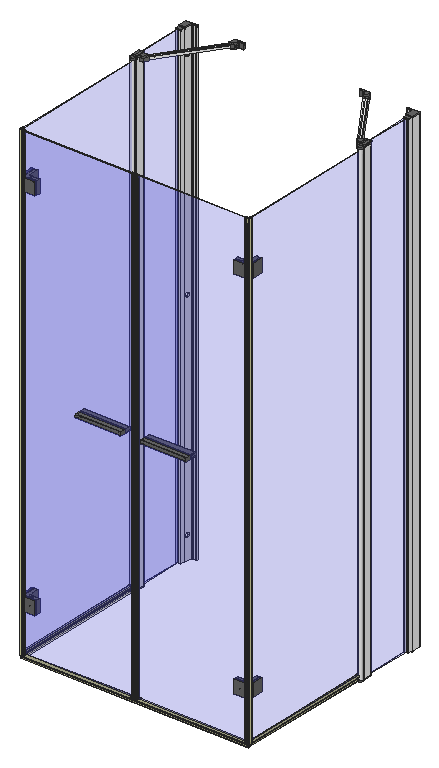
Revit family "D30", category Plumbing Fixtures, Revit 2016 (continued)
Automatic sketch dimensions
  Sweep 3 sketch curve to Sweep 3 sketch curve = 0.171 mm
  Sweep 3 sketch curve to Sweep 3 sketch curve = 0.784 mm
  Sweep 3 sketch curve to Sweep 3 sketch curve = 0.162 mm
  Sweep 4 sketch curve to plane 1 "Center (Front/Back)" = 0.182 mm
  Sweep 4 sketch curve to plane 5 = 16 mm
  plane 8 "ucięcie" to Sweep 4 sketch curve = 3.7 mm
  Sweep 4 sketch curve to profile plane = 28.33 mm
  Sweep 4 sketch curve to Sweep 4 sketch curve = 0.265 mm
  Sweep 4 sketch curve to Sweep 4 sketch curve = 0.354 mm  (x2)
  Sweep 4 sketch curve to Sweep 4 sketch curve = 0.54 mm
  Sweep 4 sketch curve to Sweep 4 sketch curve = 0.533 mm
  Sweep 4 sketch curve to Sweep 4 sketch curve = 0.55 mm
  Sweep 4 sketch curve to Sweep 4 sketch curve = 0.718 mm
  Sweep 4 sketch curve to Sweep 4 sketch curve = 0.031 mm
  Sweep 4 sketch curve to Sweep 4 sketch curve = 0.565 mm
  Sweep 4 sketch curve to Sweep 4 sketch curve = 0.385 mm
  Sweep 4 sketch curve to Sweep 4 sketch curve = 1.153 mm
  Sweep 4 sketch curve to Sweep 4 sketch curve = 0.522 mm
  Sweep 4 sketch curve to Sweep 4 sketch curve = 0.724 mm
  Sweep 4 sketch curve to Sweep 4 sketch curve = 0.208 mm
  Sweep 4 sketch curve to Sweep 4 sketch curve = 0.551 mm  (x2)
  Sweep 4 sketch curve to Sweep 4 sketch curve = 0.212 mm
  Sweep 4 sketch curve to Sweep 4 sketch curve = 1.025 mm
  Sweep 4 sketch curve to Sweep 4 sketch curve = 0.707 mm  (x8)
  Sweep 4 sketch curve to Sweep 4 sketch curve = 0.187 mm
  Sweep 4 sketch curve to Sweep 4 sketch curve = 1.039 mm
  Sweep 4 sketch curve to Sweep 4 sketch curve = 2.722 mm
  Sweep 4 sketch curve to Sweep 4 sketch curve = 0.531 mm
  Sweep 4 sketch curve to Sweep 4 sketch curve = 0.536 mm
  Sweep 4 sketch curve to Sweep 4 sketch curve = 0.277 mm
  Sweep 4 sketch curve to Sweep 4 sketch curve = 5.61 mm
  Sweep 4 sketch curve to Sweep 4 sketch curve = 0.083 mm
  Sweep 4 sketch curve to Sweep 4 sketch curve = 0.023 mm
  Sweep 4 sketch curve to Sweep 4 sketch curve = 0.06 mm
  Sweep 4 sketch curve to Sweep 4 sketch curve = 2.584 mm
  Sweep 4 sketch curve to Sweep 4 sketch curve = 0.26 mm
  Sweep 4 sketch curve to Sweep 4 sketch curve = 1.178 mm
  Sweep 4 sketch curve to Sweep 4 sketch curve = 0.75 mm
  Sweep 4 sketch curve to Sweep 4 sketch curve = 0.923 mm
  Sweep 4 sketch curve to Sweep 4 sketch curve = 2.132 mm
  Sweep 4 sketch curve to profile plane = 21.384 mm
  Sweep 4 sketch curve to Sweep 4 sketch curve = 0.784 mm
  Sweep 4 sketch curve to Sweep 4 sketch curve = 0.171 mm
  Sweep 4 sketch curve to Sweep 4 sketch curve = 0.288 mm
  Sweep 4 sketch curve to Sweep 4 sketch curve = 0.033 mm
  Sweep 4 sketch curve to Sweep 4 sketch curve = 0.664 mm
  Sweep 4 sketch curve to Sweep 4 sketch curve = 0 mm  (x2)
  Sweep 4 sketch curve to Sweep 4 sketch curve = 0.146 mm
  Sweep 4 sketch curve to Sweep 4 sketch curve = 0.065 mm
  Sweep 4 sketch curve to Sweep 4 sketch curve = 0.495 mm
  Sweep 4 sketch curve to Sweep 4 sketch curve = 0.13 mm  (x2)
  Sweep 4 sketch curve to Sweep 4 sketch curve = 0.078 mm
  Sweep 4 sketch curve to Sweep 4 sketch curve = 1.763 mm
  Sweep 4 sketch curve to Sweep 4 sketch curve = 0.694 mm
  Sweep 4 sketch curve to Sweep 4 sketch curve = 0.025 mm
  Sweep 4 sketch curve to Sweep 4 sketch curve = 2.799 mm
  Sweep 4 sketch curve to Sweep 4 sketch curve = 1.188 mm
  Sweep 4 sketch curve to Sweep 4 sketch curve = 0.156 mm
  Sweep 4 sketch curve to Sweep 4 sketch curve = 0.085 mm
  Sweep 4 sketch curve to Sweep 4 sketch curve = 0.364 mm
  Sweep 4 sketch curve to Sweep 4 sketch curve = 0.521 mm
  Sweep 4 sketch curve to Sweep 4 sketch curve = 4.926 mm
  Sweep 4 sketch curve to Sweep 4 sketch curve = 4.83 mm
  Sweep 4 sketch curve to Sweep 4 sketch curve = 0.671 mm
  Sweep 4 sketch curve to Sweep 4 sketch curve = 0.968 mm
  Sweep 4 sketch curve to Sweep 4 sketch curve = 0.009 mm
  Sweep 4 sketch curve to Sweep 4 sketch curve = 0.148 mm
  Sweep 4 sketch curve to Sweep 4 sketch curve = 0.596 mm
  Sweep 4 sketch curve to Sweep 4 sketch curve = 0.162 mm
  Extrusion 5 sketch curve to plane 15 = 0 mm
  plane 21 to Extrusion 5 sketch curve = 9.87 mm
  Extrusion 5 sketch curve to plane 4 "right" = 21 mm
  Extrusion 5 sketch curve to Extrusion 5 sketch curve = 6 mm
  plane 8 "ucięcie" to Extrusion 6 sketch curve = 4.174 mm
  plane 21 to Extrusion 6 sketch curve = 14.434 mm
  Extrusion 6 sketch curve to plane 21 = 9.023 mm
  Extrusion 6 sketch curve to Extrusion 6 sketch curve = 13.947 mm
  Extrusion 7 sketch curve to plane 4 "right" = 10.318 mm
  Extrusion 7 sketch curve to plane 1 "Center (Front/Back)" = 10.507 mm
  Extrusion 7 sketch curve to Extrusion 7 sketch curve = 30.597 mm
  plane 21 to Extrusion 7 sketch curve = 18.756 mm
  plane 21 to Extrusion 8 sketch curve = 10.459 mm
  Extrusion 8 sketch curve to plane 21 = 18.359 mm
  plane 4 "right" to Extrusion 8 sketch curve = 40.338 mm
  plane 4 "right" to Extrusion 8 sketch curve = 11.52 mm
  plane 8 "ucięcie" to Extrusion 9 sketch curve = 2.408 mm
  Extrusion 9 sketch curve to plane 4 "right" = 19.577 mm
  Extrusion 9 sketch curve to Extrusion 9 sketch curve = 0.882 mm
  Extrusion 9 sketch curve to Extrusion 9 sketch curve = 1.193 mm
  plane 8 "ucięcie" to Extrusion 9 sketch curve = 2.284 mm
  Extrusion 9 sketch curve to Extrusion 9 sketch curve = 1.268 mm
  Extrusion 9 sketch curve to Extrusion 9 sketch curve = 0.762 mm
  plane 8 "ucięcie" to Extrusion 9 sketch curve = 13.155 mm
  Extrusion 9 sketch curve to Extrusion 9 sketch curve = 0.56 mm
  Extrusion 9 sketch curve to Extrusion 9 sketch curve = 0.954 mm
  Extrusion 9 sketch curve to plane 8 "ucięcie" = 0.007 mm  (x2)
  Extrusion 9 sketch curve to Extrusion 9 sketch curve = 1.059 mm
  Extrusion 9 sketch curve to Extrusion 9 sketch curve = 0.118 mm
  Extrusion 9 sketch curve to Extrusion 9 sketch curve = 1.546 mm
  Extrusion 9 sketch curve to level = 0.007 mm
  Extrusion 9 sketch curve to Extrusion 9 sketch curve = 2.805 mm
  Extrusion 9 sketch curve to Extrusion 9 sketch curve = 0.4 mm
  Extrusion 9 sketch curve to Extrusion 9 sketch curve = 1.215 mm
  Extrusion 9 sketch curve to Extrusion 9 sketch curve = 1.314 mm
  Extrusion 9 sketch curve to Extrusion 9 sketch curve = 0.082 mm
  Extrusion 9 sketch curve to Extrusion 9 sketch curve = 4.375 mm
  Extrusion 9 sketch curve to Extrusion 9 sketch curve = 0.136 mm
  Extrusion 9 sketch curve to Extrusion 9 sketch curve = 0.859 mm
  plane 8 "ucięcie" to Extrusion 9 sketch curve = 2.379 mm
  plane 8 "ucięcie" to Extrusion 9 sketch curve = 12.695 mm
  Extrusion 9 sketch curve to Extrusion 9 sketch curve = 1.223 mm
  plane 8 "ucięcie" to Extrusion 9 sketch curve = 5.187 mm
  Extrusion 9 sketch curve to Extrusion 9 sketch curve = 1.07 mm
  plane 8 "ucięcie" to Extrusion 9 sketch curve = 2.908 mm
  Extrusion 9 sketch curve to Extrusion 9 sketch curve = 1.311 mm
  Extrusion 9 sketch curve to Extrusion 9 sketch curve = 1.585 mm
  plane 8 "ucięcie" to Extrusion 9 sketch curve = 3.176 mm
  Extrusion 9 sketch curve to Extrusion 9 sketch curve = 0.796 mm
  level to Extrusion 9 sketch curve = 0.647 mm
  Extrusion 9 sketch curve to Extrusion 9 sketch curve = 7.262 mm
  Extrusion 9 sketch curve to Extrusion 9 sketch curve = 0.487 mm
  level to Extrusion 9 sketch curve = 0.209 mm
  Extrusion 9 sketch curve to Extrusion 9 sketch curve = 0.37 mm
  Extrusion 9 sketch curve to Extrusion 9 sketch curve = 2.819 mm
  plane 8 "ucięcie" to Extrusion 9 sketch curve = 3.788 mm
  Extrusion 9 sketch curve to Extrusion 9 sketch curve = 0.041 mm
  plane 8 "ucięcie" to Extrusion 9 sketch curve = 2.382 mm
  Extrusion 9 sketch curve to Extrusion 9 sketch curve = 0.294 mm
  Extrusion 9 sketch curve to Extrusion 9 sketch curve = 0.641 mm
  Extrusion 9 sketch curve to Extrusion 9 sketch curve = 0.208 mm
  Extrusion 9 sketch curve to plane 8 "ucięcie" = 1.476 mm
  Extrusion 9 sketch curve to plane 8 "ucięcie" = 1.493 mm
  plane 13 to Extrusion 10 sketch curve = 0 mm
  plane 12 to Extrusion 10 sketch curve = 0 mm
  Extrusion 10 sketch curve to plane 4 "right" = 21 mm
  Extrusion 10 sketch curve to Extrusion 10 sketch curve = 6.104 mm
  Sweep 11 sketch curve to level = 0 mm
  Sweep 11 sketch curve to plane 10 "back" = 0 mm
  Sweep 11 sketch curve to plane 5 = 0 mm
  profile plane to Sweep 11 sketch curve = 0 mm
  Sweep 11 sketch curve to profile plane = 59.9 mm
  Sweep 11 sketch curve to Sweep 11 sketch curve = 2 mm
  Sweep 11 sketch curve to Sweep 11 sketch curve = 15.5 mm
  Sweep 11 sketch curve to Sweep 11 sketch curve = 4.035 mm
  Sweep 11 sketch curve to Sweep 11 sketch curve = 5 mm
  Sweep 11 sketch curve to Sweep 11 sketch curve = 1.343 mm
  Sweep 11 sketch curve to Sweep 11 sketch curve = 2.08 mm
  Sweep 11 sketch curve to profile plane = 12.13 mm
  Sweep 11 sketch curve to profile plane = 11.995 mm
  profile plane to Sweep 11 sketch curve = 1.53 mm
  profile plane to Sweep 11 sketch curve = 3.7 mm
  profile plane to Sweep 11 sketch curve = 4.358 mm
  Sweep 11 sketch curve to Sweep 11 sketch curve = 3.41 mm
  Sweep 11 sketch curve to Sweep 11 sketch curve = 0.004 mm
  Sweep 11 sketch curve to Sweep 11 sketch curve = 1.089 mm
  Sweep 11 sketch curve to Sweep 11 sketch curve = 36.676 mm
  Sweep 11 sketch curve to Sweep 11 sketch curve = 0.799 mm
  Sweep 12 sketch curve to plane 5 = 0 mm
  Sweep 12 sketch curve to plane 10 "back" = 0 mm
  Sweep 12 sketch curve to level = 0 mm
  Sweep 12 sketch curve to profile plane = 39.6 mm
  Sweep 12 sketch curve to Sweep 12 sketch curve = 14.877 mm
  Sweep 12 sketch curve to Sweep 12 sketch curve = 14.983 mm
  Sweep 12 sketch curve to Sweep 12 sketch curve = 2.023 mm
  Sweep 12 sketch curve to profile plane = 34.7 mm
  Sweep 12 sketch curve to profile plane = 15.217 mm
  Revolve 13 sketch curve to plane 12 = 19.622 mm
  Revolve 13 sketch curve to Revolve 13 sketch curve = 2.014 mm
  Revolve 13 sketch curve to Revolve 13 sketch curve = 5.077 mm
  Revolve 13 sketch curve to Revolve 13 sketch curve = 0.19 mm
  Revolve 13 sketch curve to plane 4 "right" = 22.156 mm
  Revolve 13 sketch curve to Revolve 13 sketch curve = 15.244 mm
  Revolve 13 sketch curve to Revolve 13 sketch curve = 3.123 mm
  Revolve 13 sketch curve to Revolve 13 sketch curve = 0.817 mm
  Revolve 13 sketch curve to Revolve 13 sketch curve = 0 mm  (x3)
  Revolve 14 sketch curve to plane 12 = 19.622 mm
  Revolve 14 sketch curve to Revolve 14 sketch curve = 2.014 mm
  Revolve 14 sketch curve to Revolve 14 sketch curve = 5.077 mm
  Revolve 14 sketch curve to Revolve 14 sketch curve = 0.19 mm
  Revolve 14 sketch curve to plane 4 "right" = 22.156 mm
  Revolve 14 sketch curve to Revolve 14 sketch curve = 15.244 mm
  Revolve 14 sketch curve to Revolve 14 sketch curve = 3.123 mm
  Revolve 14 sketch curve to Revolve 14 sketch curve = 0.817 mm
  Revolve 14 sketch curve to Revolve 14 sketch curve = 0 mm  (x3)
  Revolve 15 sketch curve to plane 12 = 19.622 mm
  Revolve 15 sketch curve to Revolve 15 sketch curve = 2.014 mm
  Revolve 15 sketch curve to Revolve 15 sketch curve = 5.077 mm
  Revolve 15 sketch curve to Revolve 15 sketch curve = 0.19 mm
  Revolve 15 sketch curve to plane 4 "right" = 22.156 mm
  Revolve 15 sketch curve to Revolve 15 sketch curve = 15.244 mm
  Revolve 15 sketch curve to Revolve 15 sketch curve = 3.123 mm
  Revolve 15 sketch curve to Revolve 15 sketch curve = 0.817 mm
  Revolve 15 sketch curve to Revolve 15 sketch curve = 0 mm  (x3)
  Sweep 16 sketch curve to plane 10 "back" = 0 mm
  Sweep 16 sketch curve to plane 5 = 0 mm
  Sweep 16 sketch curve to Sweep 16 sketch curve = 3.5 mm
  Sweep 16 sketch curve to profile plane = 0 mm
  Sweep 16 sketch curve to profile plane = 1.53 mm
  Sweep 16 sketch curve to profile plane = 3.7 mm
  Sweep 16 sketch curve to profile plane = 4.358 mm
  Sweep 16 sketch curve to profile plane = 5.7 mm
  Sweep 16 sketch curve to Sweep 16 sketch curve = 3.41 mm
  Sweep 16 sketch curve to Sweep 16 sketch curve = 0.004 mm
  Sweep 16 sketch curve to Sweep 16 sketch curve = 1.089 mm
  Sweep 16 sketch curve to Sweep 16 sketch curve = 36.676 mm
  Sweep 16 sketch curve to Sweep 16 sketch curve = 0.051 mm
  Sweep 16 sketch curve to Sweep 16 sketch curve = 1.343 mm
  Sweep 16 sketch curve to profile plane = 59.9 mm
  Sweep 16 sketch curve to Sweep 16 sketch curve = 15.5 mm
  Sweep 16 sketch curve to Sweep 16 sketch curve = 4.035 mm
  Sweep 16 sketch curve to Sweep 16 sketch curve = 0.965 mm
  Sweep 16 sketch curve to Sweep 16 sketch curve = 2.08 mm
  Sweep 16 sketch curve to profile plane = 12.13 mm
  Sweep 16 sketch curve to Sweep 16 sketch curve = 2.036 mm
  Sweep 17 sketch curve to plane 10 "back" = 0 mm
  Sweep 17 sketch curve to plane 5 = 0 mm
  Sweep 17 sketch curve to Sweep 17 sketch curve = 1.5 mm
  Sweep 17 sketch curve to profile plane = 39.6 mm
  Sweep 17 sketch curve to Sweep 17 sketch curve = 15.377 mm
  Sweep 17 sketch curve to Sweep 17 sketch curve = 15.483 mm
  Sweep 17 sketch curve to Sweep 17 sketch curve = 2.023 mm
  Sweep 17 sketch curve to profile plane = 34.7 mm
  Sweep 17 sketch curve to profile plane = 15.217 mm
  Sweep 18 sketch curve to plane 11 "center back" = 0 mm
  Sweep 18 sketch curve to plane 5 = 0 mm
  Sweep 18 sketch curve to plane 5 = 4.5 mm
  Sweep 18 sketch curve to Sweep 18 sketch curve = 0 mm  (x8)
  Sweep 18 sketch curve to profile plane = 34.704 mm
  Sweep 18 sketch curve to Sweep 18 sketch curve = 1.994 mm  (x2)
  Sweep 18 sketch curve to Sweep 18 sketch curve = 2 mm  (x3)
  Sweep 18 sketch curve to Sweep 18 sketch curve = 5 mm  (x2)
  Sweep 18 sketch curve to Sweep 18 sketch curve = 0.6 mm  (x2)
  Sweep 18 sketch curve to Sweep 18 sketch curve = 8.706 mm
  Sweep 18 sketch curve to Sweep 18 sketch curve = 6.2 mm
  Sweep 18 sketch curve to Sweep 18 sketch curve = 8.7 mm
  Sweep 18 sketch curve to Sweep 18 sketch curve = 0.006 mm
  Sweep 18 sketch curve to profile plane = 11.237 mm
  Sweep 18 sketch curve to Sweep 18 sketch curve = 7.046 mm  (x2)
  Sweep 18 sketch curve to Sweep 18 sketch curve = 2.5 mm  (x2)
  Sweep 18 sketch curve to Sweep 18 sketch curve = 26.717 mm
  Sweep 18 sketch curve to Sweep 18 sketch curve = 6.9 mm  (x2)
  Sweep 19 sketch curve to level = 0 mm
  Sweep 19 sketch curve to plane 11 "center back" = 0 mm
  level to Sweep 19 sketch curve = 4.5 mm
  Sweep 19 sketch curve to Sweep 19 sketch curve = 0 mm  (x8)
  Sweep 19 sketch curve to profile plane = 34.704 mm
  Sweep 19 sketch curve to Sweep 19 sketch curve = 1.994 mm  (x2)
  Sweep 19 sketch curve to Sweep 19 sketch curve = 2 mm  (x3)
  Sweep 19 sketch curve to Sweep 19 sketch curve = 5 mm  (x2)
  Sweep 19 sketch curve to Sweep 19 sketch curve = 0.6 mm  (x2)
  Sweep 19 sketch curve to Sweep 19 sketch curve = 8.706 mm
  Sweep 19 sketch curve to Sweep 19 sketch curve = 6.2 mm
  Sweep 19 sketch curve to Sweep 19 sketch curve = 8.7 mm
  Sweep 19 sketch curve to Sweep 19 sketch curve = 0.006 mm
  Sweep 19 sketch curve to profile plane = 11.237 mm
  Sweep 19 sketch curve to Sweep 19 sketch curve = 7.046 mm  (x2)
  Sweep 19 sketch curve to Sweep 19 sketch curve = 2.5 mm  (x2)
  Sweep 19 sketch curve to Sweep 19 sketch curve = 26.717 mm
  Sweep 19 sketch curve to Sweep 19 sketch curve = 6.9 mm  (x2)
  Sweep 20 sketch curve to plane 11 "center back" = 0 mm
  Sweep 20 sketch curve to plane 5 = 4.5 mm
  level to Sweep 20 sketch curve = 4.5 mm
  profile plane to Sweep 20 sketch curve = 11.026 mm
  Sweep 20 sketch curve to profile plane = 24.001 mm
  Sweep 21 sketch curve to plane 11 "center back" = 0 mm
  Sweep 21 sketch curve to plane 5 = 4.5 mm
  level to Sweep 21 sketch curve = 4.5 mm
  Sweep 21 sketch curve to profile plane = 15.304 mm
  profile plane to Sweep 21 sketch curve = 56.4 mm
  Sweep 21 sketch curve to Sweep 21 sketch curve = 0 mm  (x5)
  Sweep 21 sketch curve to Sweep 21 sketch curve = 0.6 mm  (x2)
  Sweep 21 sketch curve to Sweep 21 sketch curve = 2 mm  (x3)
  Sweep 21 sketch curve to Sweep 21 sketch curve = 8.3 mm
  profile plane to Sweep 21 sketch curve = 22.556 mm
  Sweep 21 sketch curve to Sweep 21 sketch curve = 1.575 mm
  Sweep 21 sketch curve to Sweep 21 sketch curve = 1.729 mm  (x2)
  Sweep 21 sketch curve to Sweep 21 sketch curve = 4.399 mm  (x2)
  Sweep 21 sketch curve to Sweep 21 sketch curve = 1.525 mm  (x2)
  Sweep 21 sketch curve to Sweep 21 sketch curve = 1.029 mm
  Sweep 21 sketch curve to Sweep 21 sketch curve = 0.004 mm  (x2)
  Sweep 21 sketch curve to Sweep 21 sketch curve = 5 mm  (x2)
  Sweep 21 sketch curve to Sweep 21 sketch curve = 5.272 mm
  Sweep 21 sketch curve to Sweep 21 sketch curve = 0.2 mm  (x2)
  Sweep 21 sketch curve to Sweep 21 sketch curve = 1.895 mm  (x2)
  Sweep 21 sketch curve to Sweep 21 sketch curve = 1.045 mm  (x2)
  Sweep 21 sketch curve to Sweep 21 sketch curve = 0.577 mm
  Sweep 21 sketch curve to Sweep 21 sketch curve = 6.2 mm
  Sweep 21 sketch curve to Sweep 21 sketch curve = 5.268 mm
  Sweep 21 sketch curve to Sweep 21 sketch curve = 0.604 mm  (x2)
  Sweep 21 sketch curve to Sweep 21 sketch curve = 2.03 mm  (x2)
  plane 8 "ucięcie" to Extrusion 22 sketch curve = 4.174 mm
  plane 21 to Extrusion 22 sketch curve = 17.158 mm
  Extrusion 22 sketch curve to plane 21 = 9.023 mm
  Extrusion 22 sketch curve to Extrusion 22 sketch curve = 13.947 mm
  Sweep 23 sketch curve to plane 16 "middle" = 0 mm
  plane 8 "ucięcie" to Sweep 23 sketch curve = 4.2 mm
  Sweep 23 sketch curve to plane 5 = 16 mm
  Sweep 23 sketch curve to profile plane = 0 mm  (x2)
  profile plane to Sweep 23 sketch curve = 0.3 mm
  profile plane to Sweep 23 sketch curve = 1 mm  (x2)
  Sweep 23 sketch curve to Sweep 23 sketch curve = 1.1 mm  (x4)
  Sweep 23 sketch curve to Sweep 23 sketch curve = 0.3 mm  (x3)
  Sweep 23 sketch curve to Sweep 23 sketch curve = 0.449 mm  (x4)
  Sweep 23 sketch curve to Sweep 23 sketch curve = 0.069 mm  (x4)
  Sweep 23 sketch curve to Sweep 23 sketch curve = 0.5 mm  (x3)
  Sweep 23 sketch curve to Sweep 23 sketch curve = 0.009 mm  (x4)
  Sweep 23 sketch curve to Sweep 23 sketch curve = 0.008 mm  (x4)
  Sweep 23 sketch curve to Sweep 23 sketch curve = 2.9 mm  (x2)
  Sweep 23 sketch curve to Sweep 23 sketch curve = 0.212 mm  (x4)
  Sweep 23 sketch curve to Sweep 23 sketch curve = 1.2 mm  (x2)
  Sweep 23 sketch curve to Sweep 23 sketch curve = 0.302 mm  (x4)
  Sweep 23 sketch curve to Sweep 23 sketch curve = 0.69 mm  (x4)
  Sweep 23 sketch curve to Sweep 23 sketch curve = 0.016 mm  (x4)
  Sweep 23 sketch curve to Sweep 23 sketch curve = 0.842 mm  (x4)
  Sweep 23 sketch curve to Sweep 23 sketch curve = 0.172 mm  (x4)
  Sweep 23 sketch curve to Sweep 23 sketch curve = 4.112 mm  (x4)
  Sweep 23 sketch curve to Sweep 23 sketch curve = 0.913 mm  (x4)
  Sweep 23 sketch curve to Sweep 23 sketch curve = 0.085 mm  (x4)
  Sweep 23 sketch curve to Sweep 23 sketch curve = 0.047 mm  (x4)
  Sweep 23 sketch curve to profile plane = 0.3 mm
  Sweep 23 sketch curve to profile plane = 1 mm  (x2)
  Sweep 23 sketch curve to plane 1 "Center (Front/Back)" = 28.699 mm
  Sweep 23 sketch curve to Sweep 23 sketch curve = 0 mm  (x6)
  Sweep 23 sketch curve to Sweep 23 sketch curve = 0.24 mm  (x2)
  Sweep 23 sketch curve to Sweep 23 sketch curve = 0.219 mm
  Sweep 23 sketch curve to Sweep 23 sketch curve = 0.072 mm  (x2)
  Sweep 23 sketch curve to Sweep 23 sketch curve = 0.023 mm  (x4)
  Sweep 23 sketch curve to Sweep 23 sketch curve = 0.722 mm  (x2)
  Sweep 23 sketch curve to Sweep 23 sketch curve = 0.518 mm  (x4)
  Sweep 23 sketch curve to Sweep 23 sketch curve = 0.325 mm  (x4)
  Sweep 23 sketch curve to Sweep 23 sketch curve = 1.188 mm  (x4)
  Sweep 23 sketch curve to Sweep 23 sketch curve = 0.586 mm  (x4)
  Sweep 23 sketch curve to Sweep 23 sketch curve = 0.543 mm  (x2)
  Sweep 23 sketch curve to Sweep 23 sketch curve = 0.116 mm  (x4)
  Sweep 23 sketch curve to Sweep 23 sketch curve = 0.446 mm  (x5)
  Sweep 23 sketch curve to Sweep 23 sketch curve = 0.052 mm  (x4)
  Sweep 23 sketch curve to Sweep 23 sketch curve = 1.448 mm  (x4)
  Sweep 23 sketch curve to Sweep 23 sketch curve = 0.128 mm  (x4)
  Sweep 23 sketch curve to Sweep 23 sketch curve = 2.248 mm  (x2)
  Sweep 23 sketch curve to Sweep 23 sketch curve = 4.48 mm  (x2)
  Sweep 23 sketch curve to Sweep 23 sketch curve = 0.06 mm  (x3)
  Sweep 23 sketch curve to Sweep 23 sketch curve = 0.562 mm  (x2)
  Sweep 23 sketch curve to Sweep 23 sketch curve = 0.423 mm  (x2)
  Sweep 23 sketch curve to Sweep 23 sketch curve = 1.937 mm  (x2)
  Sweep 23 sketch curve to Sweep 23 sketch curve = 0.473 mm  (x4)
  Sweep 23 sketch curve to Sweep 23 sketch curve = 0.089 mm  (x4)
  Sweep 23 sketch curve to Sweep 23 sketch curve = 0.263 mm  (x4)
  Sweep 23 sketch curve to Sweep 23 sketch curve = 0.127 mm  (x4)
  Sweep 23 sketch curve to Sweep 23 sketch curve = 0.867 mm  (x2)
  Sweep 24 sketch curve to plane 19 = 0 mm
  plane 8 "ucięcie" to Sweep 24 sketch curve = 4.2 mm
  Sweep 24 sketch curve to plane 5 = 16 mm
  profile plane to Sweep 24 sketch curve = 4.88 mm
  Sweep 24 sketch curve to plane 1 "Center (Front/Back)" = 39.114 mm
  profile plane to Sweep 24 sketch curve = 2.749 mm
  Sweep 24 sketch curve to Sweep 24 sketch curve = 0.551 mm  (x4)
  Sweep 24 sketch curve to profile plane = 5.153 mm
  Sweep 24 sketch curve to Sweep 24 sketch curve = 0.038 mm
  Sweep 24 sketch curve to Sweep 24 sketch curve = 0.139 mm
  Sweep 24 sketch curve to Sweep 24 sketch curve = 0.148 mm  (x2)
  Sweep 24 sketch curve to Sweep 24 sketch curve = 0.596 mm
  Sweep 24 sketch curve to profile plane = 4.038 mm
  Sweep 24 sketch curve to Sweep 24 sketch curve = 0.978 mm
  profile plane to Sweep 24 sketch curve = 1.654 mm
  Sweep 24 sketch curve to Sweep 24 sketch curve = 0.671 mm  (x2)
  Sweep 24 sketch curve to profile plane = 5.686 mm
  Sweep 24 sketch curve to Sweep 24 sketch curve = 4.673 mm
  Sweep 24 sketch curve to Sweep 24 sketch curve = 0.157 mm
  profile plane to Sweep 24 sketch curve = 3.311 mm
  Sweep 24 sketch curve to Sweep 24 sketch curve = 4.841 mm
  Sweep 24 sketch curve to Sweep 24 sketch curve = 0.085 mm
  Sweep 24 sketch curve to profile plane = 4.533 mm
  Sweep 24 sketch curve to Sweep 24 sketch curve = 0.364 mm  (x2)
  Sweep 24 sketch curve to Sweep 24 sketch curve = 1.188 mm  (x2)
  Sweep 24 sketch curve to Sweep 24 sketch curve = 1.578 mm
  Sweep 24 sketch curve to Sweep 24 sketch curve = 0.025 mm  (x2)
  Sweep 24 sketch curve to profile plane = 5.597 mm
  Sweep 24 sketch curve to Sweep 24 sketch curve = 0.718 mm  (x2)
  Sweep 24 sketch curve to profile plane = 2.389 mm
  Sweep 24 sketch curve to Sweep 24 sketch curve = 1.144 mm
  Sweep 24 sketch curve to profile plane = 1.682 mm
  Sweep 24 sketch curve to Sweep 24 sketch curve = 0 mm  (x8)
  Sweep 24 sketch curve to profile plane = 3.096 mm
  Sweep 24 sketch curve to profile plane = 0.456 mm
  Sweep 24 sketch curve to Sweep 24 sketch curve = 0.052 mm
  Sweep 24 sketch curve to Sweep 24 sketch curve = 0.13 mm  (x2)
  Sweep 24 sketch curve to profile plane = 10.309 mm
  Sweep 24 sketch curve to Sweep 24 sketch curve = 0.619 mm
  Sweep 24 sketch curve to profile plane = 6.304 mm
  Sweep 24 sketch curve to Sweep 24 sketch curve = 0.707 mm  (x8)
  Sweep 24 sketch curve to Sweep 24 sketch curve = 0.443 mm
  Sweep 24 sketch curve to Sweep 24 sketch curve = 0.533 mm
  Sweep 24 sketch curve to Sweep 24 sketch curve = 0.55 mm
  Sweep 24 sketch curve to Sweep 24 sketch curve = 0.031 mm  (x2)
  Sweep 24 sketch curve to Sweep 24 sketch curve = 0.565 mm  (x2)
  Sweep 24 sketch curve to profile plane = 4.122 mm
  Sweep 24 sketch curve to Sweep 24 sketch curve = 0.017 mm  (x2)
  Sweep 24 sketch curve to Sweep 24 sketch curve = 0.385 mm  (x2)
  Sweep 24 sketch curve to Sweep 24 sketch curve = 1.153 mm
  Sweep 24 sketch curve to profile plane = 3.91 mm
  Sweep 24 sketch curve to Sweep 24 sketch curve = 0.495 mm
  Sweep 24 sketch curve to Sweep 24 sketch curve = 0.593 mm
  Sweep 24 sketch curve to Sweep 24 sketch curve = 0.522 mm
  Sweep 24 sketch curve to Sweep 24 sketch curve = 0.065 mm
  Sweep 24 sketch curve to profile plane = 4.829 mm
  Sweep 24 sketch curve to Sweep 24 sketch curve = 0.131 mm  (x2)
  Sweep 24 sketch curve to profile plane = 14.983 mm
  Sweep 24 sketch curve to Sweep 24 sketch curve = 0.208 mm
  Sweep 24 sketch curve to profile plane = 4.334 mm
  Sweep 24 sketch curve to Sweep 24 sketch curve = 0.212 mm
  Sweep 24 sketch curve to profile plane = 5.854 mm  (x3)
  Sweep 24 sketch curve to Sweep 24 sketch curve = 1.091 mm
  profile plane to Sweep 24 sketch curve = 1.853 mm  (x3)
  Sweep 24 sketch curve to Sweep 24 sketch curve = 3.484 mm
  Sweep 24 sketch curve to Sweep 24 sketch curve = 0.187 mm  (x2)
  Sweep 24 sketch curve to Sweep 24 sketch curve = 1.039 mm
  Sweep 24 sketch curve to Sweep 24 sketch curve = 0.664 mm  (x2)
  Sweep 24 sketch curve to Sweep 24 sketch curve = 0.033 mm  (x2)
  profile plane to Sweep 24 sketch curve = 0.869 mm
  Sweep 24 sketch curve to Sweep 24 sketch curve = 0.171 mm
  Sweep 24 sketch curve to profile plane = 0.091 mm
  Sweep 24 sketch curve to Sweep 24 sketch curve = 0.424 mm
  profile plane to Sweep 24 sketch curve = 0.08 mm
  Sweep 24 sketch curve to Sweep 24 sketch curve = 0.536 mm
  Sweep 24 sketch curve to Sweep 24 sketch curve = 5.61 mm
  Sweep 24 sketch curve to Sweep 24 sketch curve = 0.083 mm  (x3)
  Sweep 24 sketch curve to profile plane = 0.904 mm
  Sweep 24 sketch curve to profile plane = 2.319 mm
  Sweep 24 sketch curve to profile plane = 0.241 mm
  Sweep 24 sketch curve to Sweep 24 sketch curve = 0.023 mm
  Sweep 24 sketch curve to Sweep 24 sketch curve = 0.06 mm  (x2)
  Sweep 24 sketch curve to profile plane = 9.788 mm
  Sweep 24 sketch curve to Sweep 24 sketch curve = 2.584 mm
  Sweep 24 sketch curve to Sweep 24 sketch curve = 0.26 mm  (x2)
  Sweep 24 sketch curve to profile plane = 16.137 mm
  Sweep 24 sketch curve to Sweep 24 sketch curve = 1.178 mm
  Sweep 24 sketch curve to Sweep 24 sketch curve = 0.75 mm  (x2)
  Sweep 24 sketch curve to profile plane = 10.029 mm
  Sweep 24 sketch curve to Sweep 24 sketch curve = 0.923 mm  (x2)
  Sweep 24 sketch curve to Sweep 24 sketch curve = 2.132 mm
  Sweep 24 sketch curve to Sweep 24 sketch curve = 0.433 mm
  Sweep 24 sketch curve to Sweep 24 sketch curve = 0.066 mm
  Sweep 24 sketch curve to Sweep 24 sketch curve = 0.907 mm
  Sweep 24 sketch curve to Sweep 24 sketch curve = 0.603 mm
  Sweep 24 sketch curve to Sweep 24 sketch curve = 0.078 mm
  Sweep 24 sketch curve to Sweep 24 sketch curve = 0.694 mm
  Sweep 24 sketch curve to Sweep 24 sketch curve = 0.156 mm
  Sweep 24 sketch curve to Sweep 24 sketch curve = 1.267 mm
  Sweep 24 sketch curve to Sweep 24 sketch curve = 0.968 mm
  Sweep 24 sketch curve to Sweep 24 sketch curve = 0.009 mm
  Sweep 24 sketch curve to Sweep 24 sketch curve = 0.685 mm
  Sweep 24 sketch curve to Sweep 24 sketch curve = 0.488 mm
  Sweep 24 sketch curve to Sweep 24 sketch curve = 0.497 mm
  Sweep 24 sketch curve to Sweep 24 sketch curve = 0.162 mm
  Extrusion 25 sketch curve to plane 17 = 0 mm
  Extrusion 25 sketch curve to plane 20 = 0 mm
  plane 21 to Extrusion 25 sketch curve = 4.87 mm
  Extrusion 25 sketch curve to plane 21 = 1.13 mm
  Sweep 26 sketch curve to plane 16 "middle" = 0 mm
  plane 8 "ucięcie" to Sweep 26 sketch curve = 4.2 mm
  Sweep 26 sketch curve to Sweep 26 sketch curve = 17.522 mm
  profile plane to Sweep 26 sketch curve = 15.292 mm
  Sweep 26 sketch curve to profile plane = 15.292 mm
  Sweep 26 sketch curve to plane 1 "Center (Front/Back)" = 36.166 mm
  Sweep 26 sketch curve to plane 1 "Center (Front/Back)" = 15.606 mm
  Sweep 27 sketch curve to plane 3 "Center (Left/Right)" = 0 mm
  Sweep 27 sketch curve to plane 5 = 16 mm
  plane 8 "ucięcie" to Sweep 27 sketch curve = 3.7 mm
  Sweep 27 sketch curve to profile plane = 28.376 mm
  Sweep 27 sketch curve to Sweep 27 sketch curve = 0.265 mm
  Sweep 27 sketch curve to Sweep 27 sketch curve = 0.354 mm  (x2)
  Sweep 27 sketch curve to Sweep 27 sketch curve = 0.54 mm
  Sweep 27 sketch curve to Sweep 27 sketch curve = 0.533 mm
  Sweep 27 sketch curve to Sweep 27 sketch curve = 0.55 mm
  Sweep 27 sketch curve to Sweep 27 sketch curve = 0.718 mm
  Sweep 27 sketch curve to Sweep 27 sketch curve = 0.031 mm
  Sweep 27 sketch curve to Sweep 27 sketch curve = 0.565 mm
  Sweep 27 sketch curve to Sweep 27 sketch curve = 0.385 mm
  Sweep 27 sketch curve to Sweep 27 sketch curve = 1.153 mm
  Sweep 27 sketch curve to Sweep 27 sketch curve = 0.522 mm
  Sweep 27 sketch curve to Sweep 27 sketch curve = 0.724 mm
  Sweep 27 sketch curve to Sweep 27 sketch curve = 0.208 mm
  Sweep 27 sketch curve to Sweep 27 sketch curve = 0.551 mm  (x2)
  Sweep 27 sketch curve to Sweep 27 sketch curve = 0.212 mm
  Sweep 27 sketch curve to Sweep 27 sketch curve = 1.025 mm
  Sweep 27 sketch curve to Sweep 27 sketch curve = 0.707 mm  (x8)
  Sweep 27 sketch curve to Sweep 27 sketch curve = 0.187 mm
  Sweep 27 sketch curve to Sweep 27 sketch curve = 1.039 mm
  Sweep 27 sketch curve to Sweep 27 sketch curve = 2.722 mm
  Sweep 27 sketch curve to Sweep 27 sketch curve = 0.531 mm
  Sweep 27 sketch curve to Sweep 27 sketch curve = 0.536 mm
  Sweep 27 sketch curve to Sweep 27 sketch curve = 0.277 mm
  Sweep 27 sketch curve to Sweep 27 sketch curve = 5.61 mm
  Sweep 27 sketch curve to Sweep 27 sketch curve = 0.083 mm
  Sweep 27 sketch curve to Sweep 27 sketch curve = 0.023 mm
  Sweep 27 sketch curve to Sweep 27 sketch curve = 0.06 mm
  Sweep 27 sketch curve to Sweep 27 sketch curve = 2.584 mm
  Sweep 27 sketch curve to Sweep 27 sketch curve = 0.26 mm
  Sweep 27 sketch curve to Sweep 27 sketch curve = 1.178 mm
  Sweep 27 sketch curve to Sweep 27 sketch curve = 0.75 mm
  Sweep 27 sketch curve to Sweep 27 sketch curve = 0.923 mm
  Sweep 27 sketch curve to Sweep 27 sketch curve = 2.132 mm
  Sweep 27 sketch curve to profile plane = 21.374 mm
  Sweep 27 sketch curve to Sweep 27 sketch curve = 0.784 mm
  Sweep 27 sketch curve to Sweep 27 sketch curve = 0.171 mm
  Sweep 27 sketch curve to Sweep 27 sketch curve = 0.288 mm
  Sweep 27 sketch curve to Sweep 27 sketch curve = 0.033 mm
  Sweep 27 sketch curve to Sweep 27 sketch curve = 0.664 mm
  Sweep 27 sketch curve to Sweep 27 sketch curve = 0 mm  (x2)
  Sweep 27 sketch curve to Sweep 27 sketch curve = 0.146 mm
  Sweep 27 sketch curve to Sweep 27 sketch curve = 0.065 mm
  Sweep 27 sketch curve to Sweep 27 sketch curve = 0.495 mm
  Sweep 27 sketch curve to Sweep 27 sketch curve = 0.13 mm  (x2)
  Sweep 27 sketch curve to Sweep 27 sketch curve = 0.078 mm
  Sweep 27 sketch curve to Sweep 27 sketch curve = 1.763 mm
  Sweep 27 sketch curve to Sweep 27 sketch curve = 0.694 mm
  Sweep 27 sketch curve to Sweep 27 sketch curve = 0.025 mm
  Sweep 27 sketch curve to Sweep 27 sketch curve = 2.799 mm
  Sweep 27 sketch curve to Sweep 27 sketch curve = 1.188 mm
  Sweep 27 sketch curve to Sweep 27 sketch curve = 0.156 mm
  Sweep 27 sketch curve to Sweep 27 sketch curve = 0.085 mm
  Sweep 27 sketch curve to Sweep 27 sketch curve = 0.364 mm
  Sweep 27 sketch curve to Sweep 27 sketch curve = 0.521 mm
  Sweep 27 sketch curve to Sweep 27 sketch curve = 4.926 mm
  Sweep 27 sketch curve to Sweep 27 sketch curve = 4.83 mm
  Sweep 27 sketch curve to Sweep 27 sketch curve = 0.671 mm
  Sweep 27 sketch curve to Sweep 27 sketch curve = 0.968 mm
  Sweep 27 sketch curve to Sweep 27 sketch curve = 0.009 mm
  Sweep 27 sketch curve to Sweep 27 sketch curve = 0.148 mm
  Sweep 27 sketch curve to Sweep 27 sketch curve = 0.596 mm
  Sweep 27 sketch curve to Sweep 27 sketch curve = 0.162 mm
  Sweep 28 sketch curve to plane 1 "Center (Front/Back)" = 0.182 mm
  plane 8 "ucięcie" to Sweep 28 sketch curve = 3.7 mm
  Sweep 28 sketch curve to plane 5 = 16 mm
  plane 3 "Center (Left/Right)" to Sweep 28 sketch curve = 17.499 mm
  Sweep 28 sketch curve to Sweep 28 sketch curve = 1.569 mm
  Sweep 28 sketch curve to Sweep 28 sketch curve = 0.433 mm
  Sweep 28 sketch curve to Sweep 28 sketch curve = 2.132 mm
  Sweep 28 sketch curve to Sweep 28 sketch curve = 0.923 mm
  Sweep 28 sketch curve to Sweep 28 sketch curve = 0.26 mm
  Sweep 28 sketch curve to Sweep 28 sketch curve = 0.942 mm
  Sweep 28 sketch curve to Sweep 28 sketch curve = 0.06 mm
  Sweep 28 sketch curve to Sweep 28 sketch curve = 0.023 mm  (x2)
  Sweep 28 sketch curve to Sweep 28 sketch curve = 0 mm
  Sweep 28 sketch curve to Sweep 28 sketch curve = 1.095 mm
  Sweep 28 sketch curve to Sweep 28 sketch curve = 0.083 mm
  Sweep 28 sketch curve to Sweep 28 sketch curve = 0.707 mm  (x7)
  Sweep 28 sketch curve to Sweep 28 sketch curve = 1.007 mm
  Sweep 28 sketch curve to Sweep 28 sketch curve = 0.005 mm
  Sweep 28 sketch curve to Sweep 28 sketch curve = 0.536 mm
  Sweep 28 sketch curve to Sweep 28 sketch curve = 2.309 mm
  Sweep 28 sketch curve to Sweep 28 sketch curve = 1.039 mm
  Sweep 28 sketch curve to Sweep 28 sketch curve = 0.187 mm
  Sweep 28 sketch curve to Sweep 28 sketch curve = 0.813 mm
  Sweep 28 sketch curve to Sweep 28 sketch curve = 0.886 mm
  Sweep 28 sketch curve to Sweep 28 sketch curve = 0.056 mm
  Sweep 28 sketch curve to Sweep 28 sketch curve = 0.212 mm
  Sweep 28 sketch curve to Sweep 28 sketch curve = 0.208 mm
  Sweep 28 sketch curve to Sweep 28 sketch curve = 0.551 mm  (x2)
  Sweep 28 sketch curve to Sweep 28 sketch curve = 0.522 mm
  Sweep 28 sketch curve to Sweep 28 sketch curve = 0.724 mm
  Sweep 28 sketch curve to Sweep 28 sketch curve = 1.751 mm
  Sweep 28 sketch curve to Sweep 28 sketch curve = 0.031 mm
  Sweep 28 sketch curve to Sweep 28 sketch curve = 0.603 mm
  Sweep 28 sketch curve to Sweep 28 sketch curve = 0.385 mm
  Sweep 28 sketch curve to Sweep 28 sketch curve = 0.565 mm
  Sweep 28 sketch curve to Sweep 28 sketch curve = 0.718 mm
  Sweep 28 sketch curve to Sweep 28 sketch curve = 1.153 mm
  Sweep 28 sketch curve to Sweep 28 sketch curve = 0.354 mm  (x2)
  Sweep 28 sketch curve to profile plane = 21.384 mm
  Sweep 28 sketch curve to Sweep 28 sketch curve = 0.784 mm
  Sweep 28 sketch curve to Sweep 28 sketch curve = 0.171 mm
  Sweep 28 sketch curve to Sweep 28 sketch curve = 0.288 mm
  Sweep 28 sketch curve to Sweep 28 sketch curve = 0.033 mm
  Sweep 28 sketch curve to Sweep 28 sketch curve = 0.664 mm
  Sweep 28 sketch curve to Sweep 28 sketch curve = 0.146 mm
  Sweep 28 sketch curve to Sweep 28 sketch curve = 0.065 mm
  Sweep 28 sketch curve to Sweep 28 sketch curve = 0.495 mm
  Sweep 28 sketch curve to Sweep 28 sketch curve = 0.13 mm  (x2)
  Sweep 28 sketch curve to Sweep 28 sketch curve = 0.078 mm
  Sweep 28 sketch curve to Sweep 28 sketch curve = 1.763 mm
  Sweep 28 sketch curve to Sweep 28 sketch curve = 0.694 mm
  Sweep 28 sketch curve to Sweep 28 sketch curve = 0.025 mm
  Sweep 28 sketch curve to Sweep 28 sketch curve = 2.799 mm
  Sweep 28 sketch curve to Sweep 28 sketch curve = 1.188 mm
  Sweep 28 sketch curve to Sweep 28 sketch curve = 0.156 mm
  Sweep 28 sketch curve to Sweep 28 sketch curve = 0.085 mm
  Sweep 28 sketch curve to Sweep 28 sketch curve = 0.364 mm
  Sweep 28 sketch curve to Sweep 28 sketch curve = 0.521 mm
  Sweep 28 sketch curve to Sweep 28 sketch curve = 4.926 mm
  Sweep 28 sketch curve to Sweep 28 sketch curve = 4.83 mm
  Sweep 28 sketch curve to Sweep 28 sketch curve = 0.671 mm
  Sweep 28 sketch curve to Sweep 28 sketch curve = 0.968 mm
  Sweep 28 sketch curve to Sweep 28 sketch curve = 0.009 mm
  Sweep 28 sketch curve to Sweep 28 sketch curve = 0.148 mm
  Sweep 28 sketch curve to Sweep 28 sketch curve = 0.596 mm
  Sweep 28 sketch curve to Sweep 28 sketch curve = 0.347 mm
  Sweep 28 sketch curve to Sweep 28 sketch curve = 0.309 mm
  plane 13 to Extrusion 29 sketch curve = 0 mm
  plane 12 to Extrusion 29 sketch curve = 0 mm
  plane 19 to Extrusion 29 sketch curve = 4.792 mm
  Extrusion 29 sketch curve to plane 19 = 1.208 mm
  Sweep 30 sketch curve to level = 0 mm
  Sweep 30 sketch curve to plane 10 "back" = 0 mm
  Sweep 30 sketch curve to plane 5 = 0 mm
  profile plane to Sweep 30 sketch curve = 0 mm
  profile plane to Sweep 30 sketch curve = 1.53 mm
  plane 3 "Center (Left/Right)" to Sweep 30 sketch curve = 10.6 mm
  Sweep 30 sketch curve to Sweep 30 sketch curve = 1.395 mm
  profile plane to Sweep 30 sketch curve = 4.358 mm
  Sweep 30 sketch curve to Sweep 30 sketch curve = 23.19 mm
  Sweep 30 sketch curve to Sweep 30 sketch curve = 24.062 mm
  Sweep 30 sketch curve to Sweep 30 sketch curve = 2.08 mm
  Sweep 30 sketch curve to Sweep 30 sketch curve = 0.965 mm
  Sweep 30 sketch curve to Sweep 30 sketch curve = 4.035 mm
  profile plane to Sweep 30 sketch curve = 5.7 mm
  Sweep 30 sketch curve to Sweep 30 sketch curve = 15.5 mm
  Sweep 30 sketch curve to Sweep 30 sketch curve = 2 mm
  Sweep 30 sketch curve to Sweep 30 sketch curve = 3.41 mm
  Sweep 30 sketch curve to Sweep 30 sketch curve = 0.004 mm
  Sweep 30 sketch curve to Sweep 30 sketch curve = 1.089 mm
  Sweep 30 sketch curve to Sweep 30 sketch curve = 36.676 mm
  Sweep 30 sketch curve to Sweep 30 sketch curve = 0.33 mm
  Sweep 31 sketch curve to plane 5 = 0 mm
  Sweep 31 sketch curve to plane 10 "back" = 0 mm
  Sweep 31 sketch curve to level = 0 mm
  Sweep 31 sketch curve to profile plane = 39.6 mm
  Sweep 31 sketch curve to Sweep 31 sketch curve = 14.877 mm
  Sweep 31 sketch curve to Sweep 31 sketch curve = 14.983 mm
  Sweep 31 sketch curve to Sweep 31 sketch curve = 2.023 mm
  plane 3 "Center (Left/Right)" to Sweep 31 sketch curve = 13.3 mm
  Sweep 31 sketch curve to Sweep 31 sketch curve = 17.46 mm
  plane 20 to Revolve 32 sketch curve = 8.526 mm
  Revolve 32 sketch curve to plane 12 = 19.622 mm
  Revolve 32 sketch curve to Revolve 32 sketch curve = 2.014 mm
  Revolve 32 sketch curve to Revolve 32 sketch curve = 5.077 mm
  Revolve 32 sketch curve to plane 19 = 0.052 mm
  Revolve 32 sketch curve to Revolve 32 sketch curve = 0.19 mm
  Revolve 32 sketch curve to Revolve 32 sketch curve = 0.817 mm
  plane 20 to Revolve 32 sketch curve = 5.404 mm
  Revolve 32 sketch curve to Revolve 32 sketch curve = 0 mm  (x3)
  plane 20 to Revolve 33 sketch curve = 8.526 mm
  Revolve 33 sketch curve to plane 12 = 19.622 mm
  Revolve 33 sketch curve to Revolve 33 sketch curve = 2.014 mm
  Revolve 33 sketch curve to Revolve 33 sketch curve = 5.077 mm
  Revolve 33 sketch curve to plane 19 = 0.052 mm
  Revolve 33 sketch curve to Revolve 33 sketch curve = 0.19 mm
  Revolve 33 sketch curve to Revolve 33 sketch curve = 0.817 mm
  plane 20 to Revolve 33 sketch curve = 5.404 mm
  Revolve 33 sketch curve to Revolve 33 sketch curve = 0 mm  (x3)
  plane 20 to Revolve 34 sketch curve = 8.526 mm
  Revolve 34 sketch curve to plane 12 = 19.622 mm
  Revolve 34 sketch curve to Revolve 34 sketch curve = 2.014 mm
  Revolve 34 sketch curve to Revolve 34 sketch curve = 5.077 mm
  Revolve 34 sketch curve to plane 19 = 0.052 mm
  Revolve 34 sketch curve to Revolve 34 sketch curve = 0.19 mm
  Revolve 34 sketch curve to Revolve 34 sketch curve = 0.817 mm
  plane 20 to Revolve 34 sketch curve = 5.404 mm
  Revolve 34 sketch curve to Revolve 34 sketch curve = 0 mm  (x3)
  Sweep 35 sketch curve to plane 10 "back" = 0 mm
  Sweep 35 sketch curve to plane 5 = 0 mm
  Sweep 35 sketch curve to Sweep 35 sketch curve = 3.5 mm
  Sweep 35 sketch curve to profile plane = 0 mm
  Sweep 35 sketch curve to profile plane = 1.53 mm
  Sweep 35 sketch curve to profile plane = 3.7 mm
  Sweep 35 sketch curve to profile plane = 4.358 mm
  Sweep 35 sketch curve to profile plane = 5.7 mm
  Sweep 35 sketch curve to Sweep 35 sketch curve = 3.41 mm
  Sweep 35 sketch curve to Sweep 35 sketch curve = 0.004 mm
  Sweep 35 sketch curve to Sweep 35 sketch curve = 1.089 mm
  Sweep 35 sketch curve to Sweep 35 sketch curve = 36.676 mm
  Sweep 35 sketch curve to Sweep 35 sketch curve = 0.051 mm
  Sweep 35 sketch curve to Sweep 35 sketch curve = 1.343 mm
  plane 3 "Center (Left/Right)" to Sweep 35 sketch curve = 10.6 mm
  Sweep 35 sketch curve to Sweep 35 sketch curve = 23.19 mm
  Sweep 35 sketch curve to Sweep 35 sketch curve = 24.062 mm
  Sweep 35 sketch curve to Sweep 35 sketch curve = 0.965 mm
  Sweep 35 sketch curve to Sweep 35 sketch curve = 4.035 mm
  Sweep 35 sketch curve to Sweep 35 sketch curve = 15.5 mm
  Sweep 35 sketch curve to Sweep 35 sketch curve = 2.036 mm
  Sweep 36 sketch curve to plane 10 "back" = 0 mm
  Sweep 36 sketch curve to plane 5 = 0 mm
  Sweep 36 sketch curve to Sweep 36 sketch curve = 1.5 mm
  Sweep 36 sketch curve to profile plane = 39.6 mm
  Sweep 36 sketch curve to Sweep 36 sketch curve = 15.377 mm
  Sweep 36 sketch curve to Sweep 36 sketch curve = 15.483 mm
  Sweep 36 sketch curve to Sweep 36 sketch curve = 2.023 mm
  plane 3 "Center (Left/Right)" to Sweep 36 sketch curve = 13.3 mm
  Sweep 36 sketch curve to Sweep 36 sketch curve = 17.46 mm
  Sweep 37 sketch curve to plane 11 "center back" = 0 mm
  Sweep 37 sketch curve to plane 5 = 0 mm
  Sweep 37 sketch curve to plane 5 = 4.5 mm
  Sweep 37 sketch curve to Sweep 37 sketch curve = 0 mm  (x8)
  plane 3 "Center (Left/Right)" to Sweep 37 sketch curve = 13.304 mm
  Sweep 37 sketch curve to Sweep 37 sketch curve = 1.994 mm  (x2)
  Sweep 37 sketch curve to Sweep 37 sketch curve = 2 mm  (x3)
  Sweep 37 sketch curve to Sweep 37 sketch curve = 5 mm  (x2)
  Sweep 37 sketch curve to Sweep 37 sketch curve = 0.6 mm  (x2)
  Sweep 37 sketch curve to Sweep 37 sketch curve = 8.706 mm
  Sweep 37 sketch curve to Sweep 37 sketch curve = 6.2 mm
  Sweep 37 sketch curve to Sweep 37 sketch curve = 8.7 mm
  Sweep 37 sketch curve to Sweep 37 sketch curve = 0.006 mm
  Sweep 37 sketch curve to profile plane = 11.237 mm
  Sweep 37 sketch curve to Sweep 37 sketch curve = 7.046 mm  (x2)
  Sweep 37 sketch curve to Sweep 37 sketch curve = 2.5 mm  (x2)
  Sweep 37 sketch curve to Sweep 37 sketch curve = 26.717 mm
  Sweep 37 sketch curve to Sweep 37 sketch curve = 6.9 mm  (x2)
  Sweep 38 sketch curve to level = 0 mm
  Sweep 38 sketch curve to plane 11 "center back" = 0 mm
  level to Sweep 38 sketch curve = 4.5 mm
  Sweep 38 sketch curve to Sweep 38 sketch curve = 0 mm  (x8)
  plane 3 "Center (Left/Right)" to Sweep 38 sketch curve = 13.304 mm
  Sweep 38 sketch curve to Sweep 38 sketch curve = 1.994 mm  (x2)
  Sweep 38 sketch curve to Sweep 38 sketch curve = 2 mm  (x3)
  Sweep 38 sketch curve to Sweep 38 sketch curve = 5 mm  (x2)
  Sweep 38 sketch curve to Sweep 38 sketch curve = 0.6 mm  (x2)
  Sweep 38 sketch curve to Sweep 38 sketch curve = 8.706 mm
  Sweep 38 sketch curve to Sweep 38 sketch curve = 6.2 mm
  Sweep 38 sketch curve to Sweep 38 sketch curve = 8.7 mm
  Sweep 38 sketch curve to Sweep 38 sketch curve = 0.006 mm
  Sweep 38 sketch curve to profile plane = 11.237 mm
  Sweep 38 sketch curve to Sweep 38 sketch curve = 7.046 mm  (x2)
  Sweep 38 sketch curve to Sweep 38 sketch curve = 2.5 mm  (x2)
  Sweep 38 sketch curve to Sweep 38 sketch curve = 26.717 mm
  Sweep 38 sketch curve to Sweep 38 sketch curve = 6.9 mm  (x2)
  Sweep 39 sketch curve to plane 11 "center back" = 0 mm
  level to Sweep 39 sketch curve = 4.5 mm
  Sweep 39 sketch curve to plane 5 = 4.5 mm
  Sweep 39 sketch curve to profile plane = 10.977 mm
  plane 3 "Center (Left/Right)" to Sweep 39 sketch curve = 24.001 mm
  Sweep 40 sketch curve to plane 11 "center back" = 0 mm
  level to Sweep 40 sketch curve = 4.5 mm
  Sweep 40 sketch curve to plane 5 = 4.5 mm
  plane 3 "Center (Left/Right)" to Sweep 40 sketch curve = 15.304 mm
  profile plane to Sweep 40 sketch curve = 56.4 mm
  Sweep 40 sketch curve to Sweep 40 sketch curve = 0 mm  (x5)
  Sweep 40 sketch curve to Sweep 40 sketch curve = 0.6 mm  (x2)
  Sweep 40 sketch curve to Sweep 40 sketch curve = 2 mm  (x3)
  Sweep 40 sketch curve to Sweep 40 sketch curve = 8.3 mm
  profile plane to Sweep 40 sketch curve = 22.556 mm
  Sweep 40 sketch curve to Sweep 40 sketch curve = 1.575 mm
  Sweep 40 sketch curve to Sweep 40 sketch curve = 1.729 mm  (x2)
  Sweep 40 sketch curve to Sweep 40 sketch curve = 4.399 mm  (x2)
  Sweep 40 sketch curve to Sweep 40 sketch curve = 1.525 mm  (x2)
  Sweep 40 sketch curve to Sweep 40 sketch curve = 1.029 mm
  Sweep 40 sketch curve to Sweep 40 sketch curve = 0.004 mm  (x2)
  Sweep 40 sketch curve to Sweep 40 sketch curve = 5 mm  (x2)
  Sweep 40 sketch curve to Sweep 40 sketch curve = 5.272 mm
  Sweep 40 sketch curve to Sweep 40 sketch curve = 0.2 mm  (x2)
  Sweep 40 sketch curve to Sweep 40 sketch curve = 1.895 mm  (x2)
  Sweep 40 sketch curve to Sweep 40 sketch curve = 1.045 mm  (x2)
  Sweep 40 sketch curve to Sweep 40 sketch curve = 0.577 mm
  Sweep 40 sketch curve to Sweep 40 sketch curve = 6.2 mm
  Sweep 40 sketch curve to Sweep 40 sketch curve = 5.268 mm
  Sweep 40 sketch curve to Sweep 40 sketch curve = 0.604 mm  (x2)
  Sweep 40 sketch curve to Sweep 40 sketch curve = 2.03 mm  (x2)
  Sweep 41 sketch curve to plane 3 "Center (Left/Right)" = 0 mm
  plane 21 to Sweep 41 sketch curve = 0 mm
  plane 14 to Sweep 41 sketch curve = 0 mm
  Sweep 41 sketch curve to profile plane = 19.659 mm
  Sweep 41 sketch curve to Sweep 41 sketch curve = 0.882 mm
  Sweep 41 sketch curve to Sweep 41 sketch curve = 1.193 mm
  Sweep 41 sketch curve to Sweep 41 sketch curve = 1.268 mm
  Sweep 41 sketch curve to Sweep 41 sketch curve = 0.762 mm
  Sweep 41 sketch curve to Sweep 41 sketch curve = 0.56 mm
  Sweep 41 sketch curve to Sweep 41 sketch curve = 0.954 mm
  Sweep 41 sketch curve to Sweep 41 sketch curve = 1.059 mm
  Sweep 41 sketch curve to Sweep 41 sketch curve = 0.118 mm
  Sweep 41 sketch curve to Sweep 41 sketch curve = 1.546 mm
  Sweep 41 sketch curve to level = 0.007 mm
  Sweep 41 sketch curve to Sweep 41 sketch curve = 2.805 mm
  Sweep 41 sketch curve to Sweep 41 sketch curve = 0.4 mm
  Sweep 41 sketch curve to Sweep 41 sketch curve = 1.215 mm
  Sweep 41 sketch curve to Sweep 41 sketch curve = 1.314 mm
  Sweep 41 sketch curve to Sweep 41 sketch curve = 0.082 mm
  Sweep 41 sketch curve to Sweep 41 sketch curve = 4.375 mm
  Sweep 41 sketch curve to Sweep 41 sketch curve = 0.136 mm
  Sweep 41 sketch curve to Sweep 41 sketch curve = 0.859 mm
  level to Sweep 41 sketch curve = 14.179 mm
  Sweep 41 sketch curve to Sweep 41 sketch curve = 1.085 mm
  Sweep 41 sketch curve to Sweep 41 sketch curve = 1.223 mm
  Sweep 41 sketch curve to Sweep 41 sketch curve = 1.07 mm
  Sweep 41 sketch curve to Sweep 41 sketch curve = 1.311 mm
  level to Sweep 41 sketch curve = 14.894 mm
  Sweep 41 sketch curve to Sweep 41 sketch curve = 1.585 mm
  level to Sweep 41 sketch curve = 14.976 mm
  Sweep 41 sketch curve to Sweep 41 sketch curve = 0.796 mm
  level to Sweep 41 sketch curve = 0.647 mm
  Sweep 41 sketch curve to Sweep 41 sketch curve = 7.262 mm
  Sweep 41 sketch curve to Sweep 41 sketch curve = 0.487 mm
  level to Sweep 41 sketch curve = 0.209 mm
  Sweep 41 sketch curve to Sweep 41 sketch curve = 0.37 mm
  Sweep 41 sketch curve to Sweep 41 sketch curve = 2.819 mm
  level to Sweep 41 sketch curve = 15.588 mm
  Sweep 41 sketch curve to Sweep 41 sketch curve = 0.041 mm
  level to Sweep 41 sketch curve = 14.182 mm
  Sweep 41 sketch curve to Sweep 41 sketch curve = 0.294 mm
  Sweep 41 sketch curve to Sweep 41 sketch curve = 3.796 mm
  Sweep 41 sketch curve to Sweep 41 sketch curve = 0.07 mm
  Sweep 41 sketch curve to Sweep 41 sketch curve = 1.091 mm
  Sweep 41 sketch curve to Sweep 41 sketch curve = 2.687 mm
  Sweep 41 sketch curve to Sweep 41 sketch curve = 0.061 mm
  Sweep 41 sketch curve to Sweep 41 sketch curve = 2.279 mm
  Sweep 41 sketch curve to Sweep 41 sketch curve = 6.677 mm
  Sweep 41 sketch curve to Sweep 41 sketch curve = 0.546 mm
  Sweep 41 sketch curve to Sweep 41 sketch curve = 0.832 mm
  Sweep 41 sketch curve to Sweep 41 sketch curve = 0.537 mm
  Sweep 42 sketch curve to plane 3 "Center (Left/Right)" = 0 mm
  Sweep 42 sketch curve to plane 15 = 0 mm
  plane 21 to Sweep 42 sketch curve = 9.87 mm
  level to Sweep 42 sketch curve = 13 mm
  profile plane to Sweep 42 sketch curve = 27 mm
  Sweep 42 sketch curve to Sweep 42 sketch curve = 6 mm
  Sweep 42 sketch curve to Sweep 42 sketch curve = 1971 mm
  Sweep 43 sketch curve to plane 3 "Center (Left/Right)" = 0 mm
  plane 8 "ucięcie" to Sweep 43 sketch curve = 3.7 mm
  Sweep 43 sketch curve to Sweep 43 sketch curve = 21.313 mm
  profile plane to Sweep 43 sketch curve = 39.208 mm
  profile plane to Sweep 43 sketch curve = 18.286 mm
  Sweep 43 sketch curve to plane 1 "Center (Front/Back)" = 35.527 mm
  Sweep 43 sketch curve to plane 1 "Center (Front/Back)" = 14.346 mm
  Sweep 44 sketch curve to plane 3 "Center (Left/Right)" = 0 mm
  plane 8 "ucięcie" to Sweep 44 sketch curve = 4.2 mm
  Sweep 44 sketch curve to Sweep 44 sketch curve = 18.001 mm
  profile plane to Sweep 44 sketch curve = 35.243 mm
  profile plane to Sweep 44 sketch curve = 15.243 mm
  Sweep 44 sketch curve to plane 1 "Center (Front/Back)" = 39.426 mm
  Sweep 44 sketch curve to plane 1 "Center (Front/Back)" = 19.426 mm
  Sweep 45 sketch curve to plane 3 "Center (Left/Right)" = 0 mm
  Sweep 45 sketch curve to level = 7.732 mm
  plane 8 "ucięcie" to Sweep 45 sketch curve = 17.034 mm
  Sweep 45 sketch curve to plane 1 "Center (Front/Back)" = 38.161 mm
  Sweep 45 sketch curve to plane 1 "Center (Front/Back)" = 16.948 mm
  Sweep 45 sketch curve to profile plane = 16.032 mm
  Sweep 45 sketch curve to Sweep 45 sketch curve = 21.213 mm
  Sweep 46 sketch curve to plane 1 "Center (Front/Back)" = 0.05 mm
  Sweep 46 sketch curve to level = 7.732 mm
  plane 8 "ucięcie" to Sweep 46 sketch curve = 17.034 mm
  plane 3 "Center (Left/Right)" to Sweep 46 sketch curve = 16.948 mm
  Sweep 46 sketch curve to Sweep 46 sketch curve = 21.213 mm  (x2)
  Sweep 46 sketch curve to profile plane = 16.032 mm
  radius of Sweep 20 sketch curve = 9.266 mm
  radius of Sweep 39 sketch curve = 9.266 mm
Nested families
  nested 1: "doorknob D30" at (436.942, 24.721, 998.5), type "doorknob FORSA"
  nested 2: "holder" at (798.456, 536.499, 0) x (0, -1, 0) z (0, 0, 1), type "holder"
  nested 3: "hinge" at (757.9, 42.318, 186) x (-1, 0, 0) z (0, 0, 1), type "doorknob FORSA"
  nested 4: "hinge" at (757.9, 42.318, 1757) x (-1, 0, 0) z (0, 0, 1), type "doorknob FORSA"
  nested 5: "doorknob D30" at (163.058, 24.721, 998.5) x (-1, 0, 0) z (0, 0, 1), type "doorknob FORSA"
  nested 6: "hinge" at (-157.9, 42.318, 186), type "doorknob FORSA"
  nested 7: "hinge" at (-157.9, 42.318, 1757), type "doorknob FORSA"
  nested 8: "holder" at (-198.456, 536.499, 0) x (0, -1, 0) z (0, 0, 1), type "holder"
Definition of nested family "doorknob D30"
  Parameters (values of type "doorknob FORSA")
    Chrome = none
  Reference planes
    plane 1 "Center (Front/Back)": y = 0
    plane 2: z = 0
    plane 3 "Center (Left/Right)": x = 0
  Forms (mm)
    Extrusion 1, solid, material <- "Chrome"
      sketch origin (0, 44.476, 0) x (-1, 0, 0) y (0, 0, 1)
        loop
          arc (-94.099, 14.224) -> (-94.736, 13.96) -> (-95, 13.323) r 0.901
          line (-95, 13.323) -> (-95, 0.227)
          arc (-95, 0.227) -> (-94.706, -0.482) -> (-93.997, -0.776) r 1.003
          line (-93.997, -0.776) -> (94.004, -0.776)
          arc (94.004, -0.776) -> (94.708, -0.484) -> (95, 0.22) r 0.996
          line (95, 0.22) -> (95, 13.234)
          arc (95, 13.234) -> (94.71, 13.934) -> (94.009, 14.224) r 0.991
          line (94.009, 14.224) -> (-94.099, 14.224)
      from -41.467 to -21.467
    Extrusion 2, solid, material <- "Chrome"
      sketch origin (0, 0, 0) x (0, 1, 0) y (0, 0, 1)
        loop
          arc (-23.205, 14.224) -> (-23.797, 14.026) -> (-24.15, 13.513) r 0.982
          arc (-24.15, 13.513) -> (-24.941, 6.715) -> (-24.15, -0.082) r 29.58
          arc (-24.15, -0.082) -> (-23.791, -0.584) -> (-23.205, -0.776) r 0.989
          line (-23.205, -0.776) -> (-3.991, -0.776) -> (-3.991, 14.224) -> (-23.205, 14.224)
      from -95 to 95
  Dimensions and locks
    aligned and locked: level to plane 2
Definition of nested family "holder"
  Parameters (values of type "holder")
    Chrome = none
    Aluminum = none
  Types (2): name
    holder
    B=200,D=150
  Reference planes
    plane 1 "Center (Front/Back)": y = 0
    plane 2: z = 0
    plane 3 "Center (Left/Right)": x = 0
    plane 4 "right handle": x = -95
    plane 5 "bottom handle": y = 44.447
  Forms (mm)
    Sweep 1, solid, material <- "Chrome"
      path origin (0, 0, 0) x (1, 0, 0) y (0, 1, 0)
        loop
          line (-113.901, 0) -> (-76.101, 0)
      profile origin (-95.001, 0, 0) x (0, 1, 0) y (0, 0, 1)
        loop
          line (33.197, 2000) -> (33.197, 2004) -> (24.147, 2004) -> (12.764, 2003.004)
          arc (12.764, 2003.004) -> (12.054, 2002.71) -> (11.76, 2002) r 1.004
          line (11.76, 2002) -> (11.76, 2000) -> (33.197, 2000)
    Sweep 2, solid, material <- "Chrome"
      path origin (-95, 0, 0) x (0, -1, 0) y (0, 0, 1)
        loop
          line (0, 2004) -> (0, 2000)
      profile origin (-95, 0, 2002) x (-1, 0, 0) y (0, -1, 0)
        loop
          arc (18.187, -32.692) -> (17.585, -33.04) -> (16.901, -33.16) r 2
          line (16.901, -33.16) -> (-16.899, -33.16)
          arc (-16.899, -33.16) -> (-17.583, -33.04) -> (-18.184, -32.692) r 2
          line (-18.184, -32.692) -> (-11.199, -38.554) -> (-11.199, -44.36)
